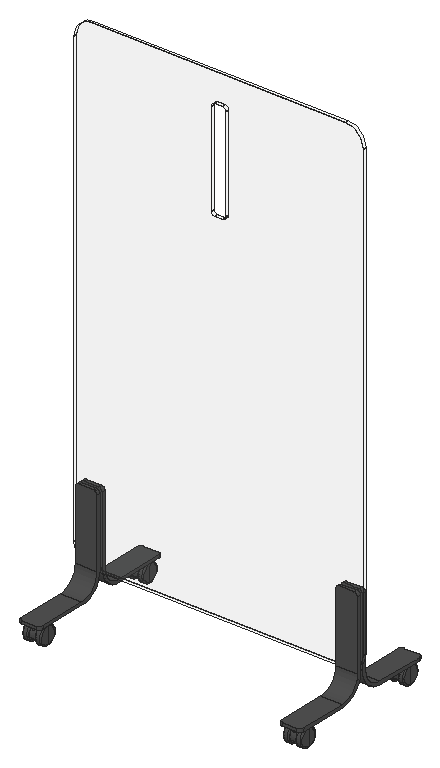
Revit family "Clarus_beClear_R20", category Furniture, host Face, Revit 2020
Family settings
  Host = Face
  Cut with Voids When Loaded = No
  Shared = No
  Room Calculation Point = No
Parameters (values of type "40" X 21" Casters")
  Width = 40"
  URL = "https://www.clarus.com/"
  TRC Standards [instance] = "http://therevitcollection.com/news/trc-news-the-revit-collection-standards-explained/"
  Show Thermometer Cutout [instance] = yes
  Product URL = "https://www.clarus.com/be-clear/"
  No Thermometer Cutout [instance] = not(Show Thermometer Cutout)  # no
  More Revit Families! [instance] = "www.therevitcollection.com"
  Modeled By = "Commense Studio"  # constant formula
  Model = "be! Clear"  # constant formula
  Manufacturer = "Clarus"  # constant formula
  Leg Length = (Depth - Core Thickness) / 2  # 10 1/4"
  Leg Height = 2 5/8"
  Leg Finish [instance] = Clarus Black
  Core Thickness = 1/2"  # constant formula
  Clarus Glass [instance] = Clarus Clear Glass
  Description = "be! Clear is an innovative, non-porous mobile glassboard that serves many\r\npurposes. Whether you use it as a protective shield from today’s various health\r\nthreats, as a collaborative writing surface, or as a temporary space divider that\r\nwon’t impact the integrity of your open-concept offi ce design, you can keep\r\neveryone healthy and at a safe distance without impeding the sightline from\r\none end of your space to the other. The optional cutout feature allows you to\r\nsafely take the temperature of incoming employees, customers or visitors, as\r\nwell as handoff important documents through an easily sanitized barrier while\r\nsafeguarding everyone. Thanks to the natural properties of glass, be! Clear is\r\nsafety and mobility rolled into one perfect solution."  # constant formula
  Height = 73"
  Designer = ""
  Depth = 21"
  Default Elevation = 0"
  Caster Color [instance] = Clarus Black
  Caster = yes
  Assembly Code = ""
Types (3): name | Leg Height | Height | Caster
  (no name) | 2 5/8" | 73" | yes
  40" X 21" Casters | 2 5/8" | 73" | yes
  40" X 21" No Casters | 0" | 70 3/8" | no
Reference planes (in)
  plane 1 "Center (Front/Back)": y = 0
  plane 2: z = 0
  plane 3 "Center (Left/Right)": x = 0
  plane 4 "L": x = -20
  plane 5 "R": x = 20
  plane 6 "B": y = 10.5
  plane 7 "F": y = -10.5
  plane 8: z = 73
  plane 9: y = 0.25
  plane 10: y = -0.25
  plane 11: y = -0.40625
  plane 12: y = 0.40625
  plane 13: y = 9.5
  plane 14: y = -9.5
  plane 15 "Legs": z = 2.625
  plane 16: x = 18
  plane 17: x = -18
  plane 18: z = 5.375
  plane 19: z = 16.125
  plane 20: x = -19.74999
  plane 21: z = 72.74999
  plane 22: x = 19.74999
  plane 23: z = 15.875
  plane 24: z = 69
  plane 25: z = 55
  plane 26: x = -1
  plane 27: x = 1
Forms (in)
  Extrusion 1, solid, material "Clarus Clear Glass" <- "Clarus Glass", visible <- "Show Thermometer Cutout"
    sketch origin (0, 0, 0) x (1, 0, 0) y (0, 0, 1)
      loop
        arc (-17.5, 73) -> (-19.26777, 72.26777) -> (-20, 70.5) r 2.5
        line (-20, 70.5) -> (-20, 7.875)
        arc (-20, 7.875) -> (-19.26777, 6.10723) -> (-17.5, 5.375) r 2.5
        line (-17.5, 5.375) -> (17.5, 5.375)
        arc (17.5, 5.375) -> (19.26777, 6.10723) -> (20, 7.875) r 2.5
        line (20, 7.875) -> (20, 70.5)
        arc (20, 70.5) -> (19.26777, 72.26777) -> (17.5, 73) r 2.5
        line (17.5, 73) -> (-17.5, 73)
      loop
        arc (-0.5, 69) -> (-0.85355, 68.85355) -> (-1, 68.5) r 0.5
        line (-1, 68.5) -> (-1, 55.5)
        arc (-1, 55.5) -> (-0.85355, 55.14645) -> (-0.5, 55) r 0.5
        line (-0.5, 55) -> (0.5, 55)
        arc (0.5, 55) -> (0.85355, 55.14645) -> (1, 55.5) r 0.5
        line (1, 55.5) -> (1, 68.5)
        arc (1, 68.5) -> (0.85355, 68.85355) -> (0.5, 69) r 0.5
        line (0.5, 69) -> (-0.5, 69)
    from -0.25 to 0.25
  Extrusion 2, solid, material "Clarus Clear Glass" <- "Clarus Glass", visible <- "No Thermometer Cutout"
    sketch origin (0, 0, 0) x (1, 0, 0) y (0, 0, 1)
      loop
        arc (-17.5, 73) -> (-19.26777, 72.26777) -> (-20, 70.5) r 2.5
        line (-20, 70.5) -> (-20, 7.875)
        arc (-20, 7.875) -> (-19.26777, 6.10723) -> (-17.5, 5.375) r 2.5
        line (-17.5, 5.375) -> (17.5, 5.375)
        arc (17.5, 5.375) -> (19.26777, 6.10723) -> (20, 7.875) r 2.5
        line (20, 7.875) -> (20, 70.5)
        arc (20, 70.5) -> (19.26777, 72.26777) -> (17.5, 73) r 2.5
        line (17.5, 73) -> (-17.5, 73)
    from -0.25 to 0.25
Lines and regions (in)
  symbolic lines
    curve 1: line (-19.75003, -0.25, 0) -> (14.75003, -0.25, 0)
    curve 2: line (19.74999, 0.25, 0) -> (-19.75003, 0.25, 0)
    curve 3: line (-16.5, 0.40625, 0) -> (-19.74999, 0.40625, 0)
    curve 4: line (-19.74999, -0.40625, 0) -> (-16.5, -0.40625, 0)
    curve 5: line (16.74995, 0.40625, 0) -> (19.74999, 0.40625, 0)
    curve 6: line (19.74999, -0.40625, 0) -> (16.74995, -0.40625, 0)
Dimensions and locks (in)
  equal spacing: plane 4 "L", plane 3 "Center (Left/Right)", plane 5 "R"
  "Width": plane 4 "L" to plane 5 "R"
  equal spacing: plane 7 "F", plane 1 "Center (Front/Back)", plane 6 "B"
  "Depth": plane 7 "F" to plane 6 "B"
  locked: plane 6 "B" to plane 13 at 1
  locked: plane 7 "F" to plane 14 at 1
  "Leg Height": plane 15 "Legs" to level
  locked: plane 16 to plane 5 "R" at 2
  plane 17 to plane 4 "L" = 2"
  equal spacing: plane 10, plane 1 "Center (Front/Back)", plane 9
  "Core Thickness": plane 10 to plane 9
  plane 9 to plane 12 = 5/32"
  plane 10 to plane 11 = 5/32"
  plane 8 to plane 19 to plane 23 to plane 18 to plane 15 "Legs" = 56 7/8" locked, 1/4" locked, 10 1/2" locked, 2 3/4" locked
  plane 4 "L" to plane 20 = 1/4"
  locked: plane 8 to plane 21 at 0.25001
  locked: plane 20 to plane 4 "L" at 0.25001
  locked: plane 22 to plane 5 "R" at 0.25001
  plane 8 to plane 24 to plane 25 = 4", 14"
  aligned and locked: plane 2 to host face
  aligned and locked: level to host face
  aligned and locked: nested 1 to plane 14
  aligned and locked: nested 2 to plane 17
  aligned and locked: plane 17 to nested 4
  aligned and locked: plane 16 to nested 1
  aligned and locked: nested 3 to plane 16
  aligned and locked: plane 17 to nested 5
  aligned and locked: nested 5 to plane 10
  aligned and locked: plane 9 to nested 6
  aligned and locked: nested 7 to plane 16
  aligned and locked: nested 8 to plane 16
  aligned and locked: plane 10 to nested 7
  aligned and locked: nested 8 to plane 9
  aligned and locked: nested 6 to plane 17
  aligned and locked: Extrusion 1 to plane 10
  aligned and locked: Extrusion 1 to plane 9
Automatic sketch dimensions
  plane 9 to curve 2 = 0"
  plane 10 to curve 1 = 0"
  plane 12 to curve 3 = 0"
  curve 3 to plane 20 = 0"
  plane 11 to curve 4 = 0"
  curve 4 to plane 20 = 0"
  plane 12 to curve 5 = 0"
  plane 11 to curve 6 = 0"
  curve 6 to plane 22 = 0"
  curve 5 to plane 22 = 0"
  curve 2 to plane 22 = 0"
  plane 20 to curve 1 = 0.00004"
  plane 20 to curve 2 = 0.00004"
  plane 17 to curve 4 = 1 1/2"
  curve 3 to curve 4 = 0"
  plane 16 to curve 1 = 3.24997"
  plane 16 to curve 5 = 1.25005"
  curve 6 to curve 5 = 0"
  host sketch curve to host sketch curve = 96"  (x2)
  Extrusion 2 sketch curve to plane 4 "L" = 0"
  Extrusion 2 sketch curve to plane 18 = 0"
  Extrusion 2 sketch curve to plane 8 = 0"
  Extrusion 2 sketch curve to plane 5 "R" = 0"
  plane 17 to Extrusion 2 sketch curve = 1/2"  (x2)
  plane 16 to Extrusion 2 sketch curve = 1/2"  (x2)
  Extrusion 1 sketch curve to plane 4 "L" = 0"
  Extrusion 1 sketch curve to plane 18 = 0"
  Extrusion 1 sketch curve to plane 8 = 0"
  Extrusion 1 sketch curve to plane 26 = 0"
  Extrusion 1 sketch curve to plane 24 = 0"
  Extrusion 1 sketch curve to plane 25 = 0"
  plane 27 to Extrusion 1 sketch curve = 0"
  Extrusion 1 sketch curve to plane 5 "R" = 0"
  plane 17 to Extrusion 1 sketch curve = 1/2"  (x2)
  Extrusion 1 sketch curve to plane 3 "Center (Left/Right)" = 1/2"  (x2)
  plane 3 "Center (Left/Right)" to Extrusion 1 sketch curve = 1/2"  (x2)
  plane 16 to Extrusion 1 sketch curve = 1/2"  (x2)
Nested families (in)
  nested 1: "Caster" at (18, -8.83637, 0) x (-1, 0, 0) z (0, 0, 1), Object <- "Caster Color", visible <- "Caster", type "2 5/8""
    with TRC Standards "http://therevitcollection.com/news/trc-news-the-revit-collection-standards-explained/", Object Clarus Black, More Revit Families! "www.therevitcollection.com"
  nested 2: "Caster" at (-18, -8.83637, 0), Object <- "Caster Color", visible <- "Caster", type "2 5/8""
    with TRC Standards "http://therevitcollection.com/news/trc-news-the-revit-collection-standards-explained/", Object Clarus Black, More Revit Families! "www.therevitcollection.com"
  nested 3: "Caster" at (18, 8.83637, 0) x (-1, 0, 0) z (0, 0, 1), Object <- "Caster Color", visible <- "Caster", type "2 5/8""
    with TRC Standards "http://therevitcollection.com/news/trc-news-the-revit-collection-standards-explained/", Object Clarus Black, More Revit Families! "www.therevitcollection.com"
  nested 4: "Caster" at (-18, 8.83637, 0), Object <- "Caster Color", visible <- "Caster", type "2 5/8""
    with TRC Standards "http://therevitcollection.com/news/trc-news-the-revit-collection-standards-explained/", Object Clarus Black, More Revit Families! "www.therevitcollection.com"
  nested 5: "Clarus_beLegs_R18" at (-18, -0.25, 2.625), Leg Finish <- "Leg Finish", type "Be Legs"
    with TRC Standards "http://therevitcollection.com/news/trc-news-the-revit-collection-standards-explained/", More Revit Families! "www.therevitcollection.com", Leg Finish Clarus Black
  nested 6: "Clarus_beLegs_R18" at (-18, 0.25, 2.625), Leg Finish <- "Leg Finish", type "Be Legs"
    with TRC Standards "http://therevitcollection.com/news/trc-news-the-revit-collection-standards-explained/", More Revit Families! "www.therevitcollection.com", Leg Finish Clarus Black
  nested 7: "Clarus_beLegs_R18" at (18, -0.25, 2.625) x (-1, 0, 0) z (0, 0, 1), Leg Finish <- "Leg Finish", type "Be Legs"
    with TRC Standards "http://therevitcollection.com/news/trc-news-the-revit-collection-standards-explained/", More Revit Families! "www.therevitcollection.com", Leg Finish Clarus Black
  nested 8: "Clarus_beLegs_R18" at (18, 0.25, 2.625) x (-1, 0, 0) z (0, 0, 1), Leg Finish <- "Leg Finish", type "Be Legs"
    with TRC Standards "http://therevitcollection.com/news/trc-news-the-revit-collection-standards-explained/", More Revit Families! "www.therevitcollection.com", Leg Finish Clarus Black
Definition of nested family "Caster"
  Parameters (values of type "2 5/8"")
    Width = 2 1/2"  # constant formula
    URL = ""
    TRC Standards [instance] = "http://therevitcollection.com/news/trc-news-the-revit-collection-standards-explained/"
    Product URL = ""
    More Revit Families! [instance] = "www.therevitcollection.com"
    Modeled By = "The Revit Collection"  # constant formula
    Model = ""
    Manufacturer = ""
    Object [instance] = none
    Description = ""
    Height = 2 5/8"  # constant formula
    Designer = ""
    Depth = 2 1/2"  # constant formula
    Default Elevation = 0"
    Assembly Code = "E2020200"
  Reference planes (in)
    plane 1 "Center (Front/Back)": y = 0
    plane 2: z = 0
    plane 3 "Center (Left/Right)": x = 0
    plane 4 "L": x = -1.25
    plane 5 "R": x = 1.25
    plane 6 "B": y = 1.25
    plane 7 "F": y = -1.25
    plane 8: z = 2.625
    plane 9: z = 1.25
    plane 10: z = 2.5
    plane 11: x = -0.5
    plane 12: x = 0.5
    plane 13: y = 0.66363
  Forms (in)
    Extrusion 1, solid
      sketch origin (0, 0, 0) x (1, 0, 0) y (0, 1, 0)
        loop
          line (-48, 48) -> (-48, -48) -> (48, -48) -> (48, 48) -> (-48, 48)
      from 0 to -12
    Revolve 2, solid, material <- "Object"
      sketch origin (0, 0, 0) x (1, 0, 0) y (0, 0, 1)
        loop
          line (-1.25, 1.25) -> (-0.5, 1.25) -> (-0.5, 2.375)
          arc (-0.5, 2.375) -> (-0.53661, 2.46339) -> (-0.625, 2.5) r 0.125
          line (-0.625, 2.5) -> (-1.125, 2.5)
          arc (-1.125, 2.5) -> (-1.21339, 2.46339) -> (-1.25, 2.375) r 0.125
          line (-1.25, 2.375) -> (-1.25, 1.25)
        loop
          line (1.25, 1.25) -> (1.25, 2.375)
          arc (1.25, 2.375) -> (1.21339, 2.46339) -> (1.125, 2.5) r 0.125
          line (1.125, 2.5) -> (0.625, 2.5)
          arc (0.625, 2.5) -> (0.53661, 2.46339) -> (0.5, 2.375) r 0.125
          line (0.5, 2.375) -> (0.5, 1.25) -> (1.25, 1.25)
        axis (-1.25, 1.25) -> (1.25, 1.25)
      angle from 0 to 360
    Extrusion 3, solid, material <- "Object"
      sketch origin (10.61611, 0, 0) x (0, 0, 1) y (0, -1, 0)
        loop
          arc (0.875, -1.06066) -> (2.375, 0) -> (0.875, 1.06066) r 1.125
          line (0.875, 1.06066) -> (0.875, -1.06066)
      from -11.11611 to -10.11611
    Extrusion 4, solid, material <- "Object"
      sketch origin (0, 0, 0) x (1, 0, 0) y (0, 1, 0)
        loop
          circle (0, 0.66363) r 0.25
      from 1.25 to 2.625
  Cuts and joins
    joined: Extrusion 3, Extrusion 4
  Dimensions and locks (in)
    equal spacing: plane 4 "L", plane 3 "Center (Left/Right)", plane 5 "R"
    "Width": plane 4 "L" to plane 5 "R"
    equal spacing: plane 7 "F", plane 1 "Center (Front/Back)", plane 6 "B"
    "Depth": plane 7 "F" to plane 6 "B"
    "Height": plane 8 to level
    equal spacing: plane 10, plane 9, level
    aligned and locked: plane 2 to Extrusion 1
    aligned and locked: level to Extrusion 1
    aligned and locked: Extrusion 3 to plane 11
    aligned and locked: Extrusion 3 to plane 12
    aligned and locked: plane 8 to Extrusion 4
    aligned and locked: Extrusion 4 to plane 9
  Automatic sketch dimensions
    Extrusion 1 sketch curve to Extrusion 1 sketch curve = 96"  (x2)
    Revolve 2 sketch curve to plane 9 = 0"  (x3)
    Revolve 2 sketch curve to plane 4 "L" = 0"
    Revolve 2 sketch curve to plane 10 = 0"  (x2)
    Revolve 2 sketch curve to plane 5 "R" = 0"
    plane 4 "L" to Revolve 2 sketch curve = 1/8"
    Revolve 2 sketch curve to plane 10 = 1/8"
    Revolve 2 sketch curve to plane 3 "Center (Left/Right)" = 5/8"
    plane 3 "Center (Left/Right)" to Revolve 2 sketch curve = 1/2"
    Revolve 2 sketch curve to Revolve 2 sketch curve = 1/8"
    Revolve 2 sketch curve to plane 5 "R" = 1/8"
    Revolve 2 sketch curve to plane 4 "L" = 0.37531"
    Revolve 2 sketch curve to Revolve 2 sketch curve = 0.46014"
    Extrusion 3 sketch curve to plane 1 "Center (Front/Back)" = 0"
    Extrusion 3 sketch curve to plane 9 = 0"
    Extrusion 3 sketch curve to plane 9 = 3/8"
    plane 6 "B" to Extrusion 3 sketch curve = 0.18934"
    Extrusion 4 sketch curve to plane 3 "Center (Left/Right)" = 0"
    plane 6 "B" to Extrusion 4 sketch curve = 0.58637"
    radius of Extrusion 4 sketch curve = 1/4"
Definition of nested family "Clarus_beLegs_R18"
  Parameters (values of type "Be Legs")
    Width = 3"
    URL = "https://www.clarus.com/"
    TRC Standards [instance] = "http://therevitcollection.com/news/trc-news-the-revit-collection-standards-explained/"
    Product URL = "https://www.clarus.com/be-mobile/"
    More Revit Families! [instance] = "www.therevitcollection.com"
    Modeled By = "Commense Studio"  # constant formula
    Model = "be! Legs"  # constant formula
    Manufacturer = "Clarus"  # constant formula
    Leg Finish [instance] = none
    Description = "Rolling Glassboard"
    Height = 13"
    Designer = ""
    Depth = 10 1/4"
    Default Elevation = 0"
    Assembly Code = ""
  Reference planes (in)
    plane 1 "Center (Front/Back)": y = 0
    plane 2: z = 0
    plane 3 "Center (Left/Right)": x = 0
    plane 4: x = 1.50004
    plane 5: x = -1.50004
    plane 6: y = -10.25
    plane 7: y = -9.25
    plane 8: z = 13
    plane 9: z = 12
  Forms (in)
    Extrusion 1, solid
      sketch origin (0, 0, 0) x (1, 0, 0) y (0, 1, 0)
        loop
          line (-48, 48) -> (-48, -48) -> (48, -48) -> (48, 48) -> (-48, 48)
      from 0 to -12
    Extrusion 2, solid, material <- "Leg Finish"
      sketch origin (-18.24999, 0.25, -2.6316) x (0, -1, 0) y (0, 0, -1)
        loop
          arc (3.25, -2.6316) -> (1.12868, -3.51028) -> (0.25, -5.6316) r 3
          line (0.25, -5.6316) -> (0.25, -14.6316) -> (0.625, -14.6316) -> (0.625, -5.6316)
          arc (0.625, -5.6316) -> (1.39384, -3.77545) -> (3.25, -3.0066) r 2.625
          line (3.25, -3.0066) -> (9.5, -3.0066) -> (9.5, -2.6316) -> (3.25, -2.6316)
      from 16.74995 to 19.75003
    Extrusion 3, solid, material <- "Leg Finish"
      sketch origin (-18.24999, 0.25, -2.6316) x (-1, 0, 0) y (0, -1, 0)
        loop
          arc (-19.25003, 10.5) -> (-19.60358, 10.35355) -> (-19.75003, 10) r 0.5
          line (-19.75003, 10) -> (-19.75003, 9.5) -> (-16.74995, 9.5) -> (-16.74995, 10)
          arc (-16.74995, 10) -> (-16.8964, 10.35355) -> (-17.24995, 10.5) r 0.5
          line (-17.24995, 10.5) -> (-19.25003, 10.5)
      from 2.6316 to 3.0066
    Extrusion 4, solid, material <- "Leg Finish"
      sketch origin (-18.24999, 0.25, -2.6316) x (-1, 0, 0) y (0, 0, -1)
        loop
          line (-16.74995, -14.6316) -> (-19.75003, -14.6316) -> (-19.75003, -15.1316)
          arc (-19.75003, -15.1316) -> (-19.60358, -15.48516) -> (-19.25003, -15.6316) r 0.5
          line (-19.25003, -15.6316) -> (-17.24995, -15.6316)
          arc (-17.24995, -15.6316) -> (-16.8964, -15.48516) -> (-16.74995, -15.1316) r 0.5
          line (-16.74995, -15.1316) -> (-16.74995, -14.6316)
      from 0.25 to 0.625
  Cuts and joins
    joined: Extrusion 2, Extrusion 3, Extrusion 4
  Dimensions and locks (in)
    "Depth": plane 6 to plane 1 "Center (Front/Back)"
    locked: plane 6 to plane 7 at 1
    plane 8 to Extrusion 1 = 13"
    aligned and locked: plane 2 to Extrusion 1
    aligned and locked: level to Extrusion 1
    aligned and locked: plane 7 to Extrusion 2
    aligned and locked: Extrusion 3 to plane 7
    aligned and locked: plane 6 to Extrusion 3
    aligned and locked: Extrusion 4 to plane 9  (x2)
    aligned and locked: plane 9 to Extrusion 2
  Automatic sketch dimensions
    Extrusion 1 sketch curve to Extrusion 1 sketch curve = 96"  (x2)
    Extrusion 3 sketch curve to plane 4 = 0"
    Extrusion 3 sketch curve to plane 5 = 0"
    Extrusion 3 sketch curve to plane 4 = 1/2"
    plane 5 to Extrusion 3 sketch curve = 1/2"
    Extrusion 3 sketch curve to Extrusion 3 sketch curve = 1/2"
    Extrusion 4 sketch curve to plane 4 = 0"
    Extrusion 4 sketch curve to plane 5 = 0"
    Extrusion 4 sketch curve to Extrusion 4 sketch curve = 1/2"  (x2)
    plane 5 to Extrusion 4 sketch curve = 1/2"
    Extrusion 3 sketch curve to plane 6 = 0"
    Extrusion 4 sketch curve to level = 12"
    Extrusion 2 sketch curve to plane 1 "Center (Front/Back)" = 0"
    Extrusion 2 sketch curve to plane 9 = 0"
    Extrusion 2 sketch curve to level = 0"
    Extrusion 2 sketch curve to plane 7 = 0"
    Extrusion 2 sketch curve to Extrusion 2 sketch curve = 2 5/8"
    Extrusion 2 sketch curve to level = 3/8"
    Extrusion 2 sketch curve to Extrusion 2 sketch curve = 0"  (x2)
